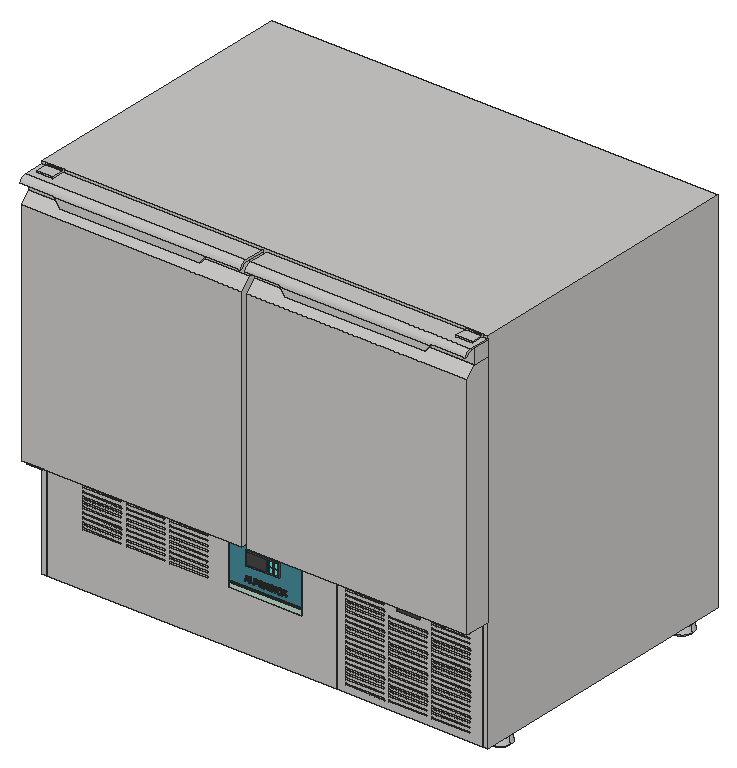
Revit family "QF_ALPENINOX_729621_ASAL25N20", category Attrezzature speciali, Revit 2021
Family settings
  Quota connettore circolare = Usa diametro
  Tipo di parte = Normale
  Basato su piano di lavoro = No
  Sempre verticale = Sì
  Taglio con vuoti quando caricato = No
  Condiviso = No
  Punto di calcolo locali = No
Parameters (values of type "Standard")
  Weight = 65.00 kg
  Watts = 220 W
  Volts = 220 V
  URL Manufacturer = "http://www.alpeninox.com"
  URL = "http://www.alpeninox.com"
  Steam Supply Size = 0 mm
  Steam Supply Minimum Pressure = 0.0 Pa
  Steam Supply Maximum Pressure = 0.0 Pa
  Steam Consumption per Hour = 0
  Refrigeration Suction Line Size = 0 mm
  Refrigeration Liquid Line Size = 0 mm
  Refrigerant Compressor Remote = yes
  Prospetto di default = 0 mm
  Produttore = "Alpeninox"
  Phase = 1
  Modello = "ASAL25N20"
  Length Actual = 950 mm  # constant formula
  Item Number = "729621"
  Hot Water Size = 0 mm
  Height Actual = 809 mm  # constant formula
  HP = "0.3 HP"
  Gas Size = 0 mm
  Gas KW = 0
  Gas Input Pressure = 0 W
  Direct Waste Size = 0 mm
  Descrizione = "2-DOOR REFRIGERATED COUNTER 250L +2+10°-NO WORKTOP R290"
  Depth Actual = 700 mm  # constant formula
  Cycle = 50 Hz
  Condensate Return Size = 0 mm
  Compressed Air Volume = 0.0 L/s
  Compressed Air Size = 0 mm
  Compressed Air Pressure = 0.0 Pa
  Cold Water Size = 0 mm
  Accessory = yes
Reference planes
  plane 1: z = 0
  plane 2 "Center (Left/Right)": x = -126.5
  plane 3 "Center (Front/Back)": y = 64.5
  plane 4 "BACK": y = 414.5
  plane 5 "FRONT": y = -285.5
  plane 6 "LEFT": x = -604
  plane 7 "RIGHT": x = 351
  plane 8 "FEET": z = 20
  plane 9 "TOP": z = 858
  plane 10 "PLAIN": z = 808
  plane 11 "EI_back": y = 414.5
  plane 12 "EI_left": x = 287.5
  plane 13 "BorderBack": y = 414.5
  plane 14 "BorderFront": y = -252.5
  plane 15 "DOOR": y = -197.5
  plane 16 "BorderLeft": x = -601.5
  plane 17 "BorderRight": x = 348.5
  plane 18: x = -576.5
  plane 19: x = 323.5
  plane 20: y = -701.5
  plane 21: z = 260
  plane 22 "FeetBack": y = 347.5
  plane 23 "FeetFront": y = -137.5
  plane 24 "FeetRight": x = 326.2
  plane 25 "FeetLeft": x = -579.2
  plane 26 "DrainX": x = -271.5
  plane 27 "DrainY": y = 91.5
  plane 28: z = 238
Forms (mm)
  Extrusion 1, solid, material "QF_Finishes_Stainless Steel"
    sketch origin (-1022.223, 359, -1763) x (-1, 0, 0) y (0, 0, -1)
      loop
        circle (-1309.723, -1883) r 5
    from -55.5 to -57.278
  Extrusion 2, solid, material "QF_Finishes_Stainless Steel"
    sketch origin (-1022.223, -1524, 20) x (-1, 0, 0) y (0, -1, 0)
      loop
        line (-420.723, -1938.5) -> (-420.723, -1326.5) -> (-1370.723, -1326.5) -> (-1370.723, -1938.5) -> (-420.723, -1938.5)
    from 0 to 788
  Extrusion 3, void
    sketch origin (0, 0, 0) x (1, 0, 0) y (0, 1, 0)
      loop
        line (-591.5, -197.5) -> (338.5, -197.5) -> (338.5, -195.5) -> (-591.5, -195.5) -> (-591.5, -197.5)
    from 20 to 260
  Extrusion 4, solid, material "QF_Finishes_Stainless Steel"
    sketch origin (0, 0, 0) x (1, 0, 0) y (0, 1, 0)
      loop
        line (-591.5, -195.5) -> (-591.5, -197.5) -> (26.373, -197.5) -> (26.373, -195.5) -> (-591.5, -195.5)
    from 20 to 260
  Extrusion 5, solid, material "QF_Finishes_Stainless Steel"
    sketch origin (0, 0, 0) x (1, 0, 0) y (0, 1, 0)
      loop
        line (26.373, -195.5) -> (26.373, -197.5) -> (338.5, -197.5) -> (338.5, -195.5) -> (26.373, -195.5)
    from 20 to 260
  Extrusion 6, void
    sketch origin (560, -285.5, 0) x (-1, 0, 0) y (0, 0, 1)
      loop
        line (514.036, 239.427) -> (431.036, 239.427) -> (431.036, 234.427) -> (514.036, 234.427) -> (514.036, 239.427)
      loop
        line (514.036, 229.427) -> (431.036, 229.427) -> (431.036, 224.427) -> (514.036, 224.427) -> (514.036, 229.427)
      loop
        line (514.036, 219.427) -> (431.036, 219.427) -> (431.036, 214.427) -> (514.036, 214.427) -> (514.036, 219.427)
      loop
        line (514.036, 209.427) -> (431.036, 209.427) -> (431.036, 204.427) -> (514.036, 204.427) -> (514.036, 209.427)
      loop
        line (514.036, 199.427) -> (431.036, 199.427) -> (431.036, 194.427) -> (514.036, 194.427) -> (514.036, 199.427)
      loop
        line (514.036, 189.427) -> (431.036, 189.427) -> (431.036, 184.427) -> (514.036, 184.427) -> (514.036, 189.427)
      loop
        line (514.036, 179.427) -> (431.036, 179.427) -> (431.036, 174.427) -> (514.036, 174.427) -> (514.036, 179.427)
      loop
        line (514.036, 169.427) -> (431.036, 169.427) -> (431.036, 164.427) -> (514.036, 164.427) -> (514.036, 169.427)
      loop
        line (514.036, 149.427) -> (431.036, 149.427) -> (431.036, 144.427) -> (514.036, 144.427) -> (514.036, 149.427)
      loop
        line (514.036, 139.427) -> (431.036, 139.427) -> (431.036, 134.427) -> (514.036, 134.427) -> (514.036, 139.427)
      loop
        line (422.036, 199.427) -> (339.036, 199.427) -> (339.036, 194.427) -> (422.036, 194.427) -> (422.036, 199.427)
      loop
        line (422.036, 189.427) -> (339.036, 189.427) -> (339.036, 184.427) -> (422.036, 184.427) -> (422.036, 189.427)
      loop
        line (422.036, 179.427) -> (339.036, 179.427) -> (339.036, 174.427) -> (422.036, 174.427) -> (422.036, 179.427)
      loop
        line (422.036, 149.427) -> (339.036, 149.427) -> (339.036, 144.427) -> (422.036, 144.427) -> (422.036, 149.427)
      loop
        line (422.036, 139.427) -> (339.036, 139.427) -> (339.036, 134.427) -> (422.036, 134.427) -> (422.036, 139.427)
      loop
        line (330.036, 239.427) -> (247.036, 239.427) -> (247.036, 234.427) -> (330.036, 234.427) -> (330.036, 239.427)
      loop
        line (330.036, 229.427) -> (247.036, 229.427) -> (247.036, 224.427) -> (330.036, 224.427) -> (330.036, 229.427)
      loop
        line (330.036, 219.427) -> (247.036, 219.427) -> (247.036, 214.427) -> (330.036, 214.427) -> (330.036, 219.427)
      loop
        line (330.036, 209.427) -> (247.036, 209.427) -> (247.036, 204.427) -> (330.036, 204.427) -> (330.036, 209.427)
      loop
        line (330.036, 199.427) -> (247.036, 199.427) -> (247.036, 194.427) -> (330.036, 194.427) -> (330.036, 199.427)
      loop
        line (330.036, 189.427) -> (247.036, 189.427) -> (247.036, 184.427) -> (330.036, 184.427) -> (330.036, 189.427)
      loop
        line (330.036, 179.427) -> (247.036, 179.427) -> (247.036, 174.427) -> (330.036, 174.427) -> (330.036, 179.427)
      loop
        line (330.036, 149.427) -> (247.036, 149.427) -> (247.036, 144.427) -> (330.036, 144.427) -> (330.036, 149.427)
      loop
        line (330.036, 139.427) -> (247.036, 139.427) -> (247.036, 134.427) -> (330.036, 134.427) -> (330.036, 139.427)
      loop
        line (422.036, 169.427) -> (339.036, 169.427) -> (339.036, 164.427) -> (422.036, 164.427) -> (422.036, 169.427)
      loop
        line (330.036, 169.427) -> (247.036, 169.427) -> (247.036, 164.427) -> (330.036, 164.427) -> (330.036, 169.427)
      loop
        line (514.036, 159.427) -> (431.036, 159.427) -> (431.036, 154.427) -> (514.036, 154.427) -> (514.036, 159.427)
      loop
        line (422.036, 159.427) -> (339.036, 159.427) -> (339.036, 154.427) -> (422.036, 154.427) -> (422.036, 159.427)
      loop
        line (330.036, 159.427) -> (247.036, 159.427) -> (247.036, 154.427) -> (330.036, 154.427) -> (330.036, 159.427)
      loop
        line (514.036, 129.427) -> (431.036, 129.427) -> (431.036, 124.427) -> (514.036, 124.427) -> (514.036, 129.427)
      loop
        line (514.036, 119.427) -> (431.036, 119.427) -> (431.036, 114.427) -> (514.036, 114.427) -> (514.036, 119.427)
      loop
        line (514.036, 109.427) -> (431.036, 109.427) -> (431.036, 104.427) -> (514.036, 104.427) -> (514.036, 109.427)
      loop
        line (514.036, 99.427) -> (431.036, 99.427) -> (431.036, 94.427) -> (514.036, 94.427) -> (514.036, 99.427)
      loop
        line (514.036, 79.427) -> (431.036, 79.427) -> (431.036, 74.427) -> (514.036, 74.427) -> (514.036, 79.427)
      loop
        line (514.036, 69.427) -> (431.036, 69.427) -> (431.036, 64.427) -> (514.036, 64.427) -> (514.036, 69.427)
      loop
        line (422.036, 129.427) -> (339.036, 129.427) -> (339.036, 124.427) -> (422.036, 124.427) -> (422.036, 129.427)
      loop
        line (422.036, 119.427) -> (339.036, 119.427) -> (339.036, 114.427) -> (422.036, 114.427) -> (422.036, 119.427)
      loop
        line (422.036, 109.427) -> (339.036, 109.427) -> (339.036, 104.427) -> (422.036, 104.427) -> (422.036, 109.427)
      loop
        line (422.036, 79.427) -> (339.036, 79.427) -> (339.036, 74.427) -> (422.036, 74.427) -> (422.036, 79.427)
      loop
        line (422.036, 69.427) -> (339.036, 69.427) -> (339.036, 64.427) -> (422.036, 64.427) -> (422.036, 69.427)
      loop
        line (330.036, 129.427) -> (247.036, 129.427) -> (247.036, 124.427) -> (330.036, 124.427) -> (330.036, 129.427)
      loop
        line (330.036, 119.427) -> (247.036, 119.427) -> (247.036, 114.427) -> (330.036, 114.427) -> (330.036, 119.427)
      loop
        line (330.036, 109.427) -> (247.036, 109.427) -> (247.036, 104.427) -> (330.036, 104.427) -> (330.036, 109.427)
      loop
        line (330.036, 79.427) -> (247.036, 79.427) -> (247.036, 74.427) -> (330.036, 74.427) -> (330.036, 79.427)
      loop
        line (330.036, 69.427) -> (247.036, 69.427) -> (247.036, 64.427) -> (330.036, 64.427) -> (330.036, 69.427)
      loop
        line (422.036, 99.427) -> (339.036, 99.427) -> (339.036, 94.427) -> (422.036, 94.427) -> (422.036, 99.427)
      loop
        line (330.036, 99.427) -> (247.036, 99.427) -> (247.036, 94.427) -> (330.036, 94.427) -> (330.036, 99.427)
      loop
        line (514.036, 89.427) -> (431.036, 89.427) -> (431.036, 84.427) -> (514.036, 84.427) -> (514.036, 89.427)
      loop
        line (422.036, 89.427) -> (339.036, 89.427) -> (339.036, 84.427) -> (422.036, 84.427) -> (422.036, 89.427)
      loop
        line (330.036, 89.427) -> (247.036, 89.427) -> (247.036, 84.427) -> (330.036, 84.427) -> (330.036, 89.427)
      loop
        line (514.036, 49.427) -> (431.036, 49.427) -> (431.036, 44.427) -> (514.036, 44.427) -> (514.036, 49.427)
      loop
        line (514.036, 39.427) -> (431.036, 39.427) -> (431.036, 34.427) -> (514.036, 34.427) -> (514.036, 39.427)
      loop
        line (422.036, 49.427) -> (339.036, 49.427) -> (339.036, 44.427) -> (422.036, 44.427) -> (422.036, 49.427)
      loop
        line (422.036, 39.427) -> (339.036, 39.427) -> (339.036, 34.427) -> (422.036, 34.427) -> (422.036, 39.427)
      loop
        line (330.036, 49.427) -> (247.036, 49.427) -> (247.036, 44.427) -> (330.036, 44.427) -> (330.036, 49.427)
      loop
        line (330.036, 39.427) -> (247.036, 39.427) -> (247.036, 34.427) -> (330.036, 34.427) -> (330.036, 39.427)
      loop
        line (514.036, 59.427) -> (431.036, 59.427) -> (431.036, 54.427) -> (514.036, 54.427) -> (514.036, 59.427)
      loop
        line (422.036, 59.427) -> (339.036, 59.427) -> (339.036, 54.427) -> (422.036, 54.427) -> (422.036, 59.427)
      loop
        line (330.036, 59.427) -> (247.036, 59.427) -> (247.036, 54.427) -> (330.036, 54.427) -> (330.036, 59.427)
      loop
        line (405.536, 239.427) -> (355.536, 239.427) -> (355.536, 214.427) -> (405.536, 214.427) -> (405.536, 239.427)
    from 88 to 90
  Extrusion 7, solid, material "QF_Finishes_Black"
    sketch origin (0, -285.5, 0) x (-1, 0, 0) y (0, 0, 1)
      loop
        line (-154.464, 239.427) -> (-204.464, 239.427) -> (-204.464, 214.427) -> (-154.464, 214.427) -> (-154.464, 239.427)
    from 88 to 90
  Extrusion 8, solid, material "QF_Finishes_Stainless Steel"
    sketch origin (-1022.223, -1524, 20) x (-1, 0, 0) y (0, -1, 0)
      loop
        circle (-750.723, -1615.5) r 6.35
    from 199.427 to 218
  Extrusion 9, void
    sketch origin (0, -285.5, 0) x (-1, 0, 0) y (0, 0, 1)
      loop
        line (514.036, 239.427) -> (431.036, 239.427) -> (431.036, 234.427) -> (514.036, 234.427) -> (514.036, 239.427)
      loop
        line (514.036, 229.427) -> (431.036, 229.427) -> (431.036, 224.427) -> (514.036, 224.427) -> (514.036, 229.427)
      loop
        line (514.036, 219.427) -> (431.036, 219.427) -> (431.036, 214.427) -> (514.036, 214.427) -> (514.036, 219.427)
      loop
        line (514.036, 209.427) -> (431.036, 209.427) -> (431.036, 204.427) -> (514.036, 204.427) -> (514.036, 209.427)
      loop
        line (514.036, 199.427) -> (431.036, 199.427) -> (431.036, 194.427) -> (514.036, 194.427) -> (514.036, 199.427)
      loop
        line (514.036, 189.427) -> (431.036, 189.427) -> (431.036, 184.427) -> (514.036, 184.427) -> (514.036, 189.427)
      loop
        line (514.036, 179.427) -> (431.036, 179.427) -> (431.036, 174.427) -> (514.036, 174.427) -> (514.036, 179.427)
      loop
        line (514.036, 169.427) -> (431.036, 169.427) -> (431.036, 164.427) -> (514.036, 164.427) -> (514.036, 169.427)
      loop
        line (514.036, 149.427) -> (431.036, 149.427) -> (431.036, 144.427) -> (514.036, 144.427) -> (514.036, 149.427)
      loop
        line (514.036, 139.427) -> (431.036, 139.427) -> (431.036, 134.427) -> (514.036, 134.427) -> (514.036, 139.427)
      loop
        line (422.036, 199.427) -> (339.036, 199.427) -> (339.036, 194.427) -> (422.036, 194.427) -> (422.036, 199.427)
      loop
        line (422.036, 189.427) -> (339.036, 189.427) -> (339.036, 184.427) -> (422.036, 184.427) -> (422.036, 189.427)
      loop
        line (422.036, 179.427) -> (339.036, 179.427) -> (339.036, 174.427) -> (422.036, 174.427) -> (422.036, 179.427)
      loop
        line (422.036, 149.427) -> (339.036, 149.427) -> (339.036, 144.427) -> (422.036, 144.427) -> (422.036, 149.427)
      loop
        line (422.036, 139.427) -> (339.036, 139.427) -> (339.036, 134.427) -> (422.036, 134.427) -> (422.036, 139.427)
      loop
        line (330.036, 239.427) -> (247.036, 239.427) -> (247.036, 234.427) -> (330.036, 234.427) -> (330.036, 239.427)
      loop
        line (330.036, 229.427) -> (247.036, 229.427) -> (247.036, 224.427) -> (330.036, 224.427) -> (330.036, 229.427)
      loop
        line (330.036, 219.427) -> (247.036, 219.427) -> (247.036, 214.427) -> (330.036, 214.427) -> (330.036, 219.427)
      loop
        line (330.036, 209.427) -> (247.036, 209.427) -> (247.036, 204.427) -> (330.036, 204.427) -> (330.036, 209.427)
      loop
        line (330.036, 199.427) -> (247.036, 199.427) -> (247.036, 194.427) -> (330.036, 194.427) -> (330.036, 199.427)
      loop
        line (330.036, 189.427) -> (247.036, 189.427) -> (247.036, 184.427) -> (330.036, 184.427) -> (330.036, 189.427)
      loop
        line (330.036, 179.427) -> (247.036, 179.427) -> (247.036, 174.427) -> (330.036, 174.427) -> (330.036, 179.427)
      loop
        line (330.036, 149.427) -> (247.036, 149.427) -> (247.036, 144.427) -> (330.036, 144.427) -> (330.036, 149.427)
      loop
        line (330.036, 139.427) -> (247.036, 139.427) -> (247.036, 134.427) -> (330.036, 134.427) -> (330.036, 139.427)
      loop
        line (422.036, 169.427) -> (339.036, 169.427) -> (339.036, 164.427) -> (422.036, 164.427) -> (422.036, 169.427)
      loop
        line (330.036, 169.427) -> (247.036, 169.427) -> (247.036, 164.427) -> (330.036, 164.427) -> (330.036, 169.427)
      loop
        line (514.036, 159.427) -> (431.036, 159.427) -> (431.036, 154.427) -> (514.036, 154.427) -> (514.036, 159.427)
      loop
        line (422.036, 159.427) -> (339.036, 159.427) -> (339.036, 154.427) -> (422.036, 154.427) -> (422.036, 159.427)
      loop
        line (330.036, 159.427) -> (247.036, 159.427) -> (247.036, 154.427) -> (330.036, 154.427) -> (330.036, 159.427)
      loop
        line (422.036, 239.427) -> (339.036, 239.427) -> (339.036, 234.427) -> (422.036, 234.427) -> (422.036, 239.427)
      loop
        line (422.036, 229.427) -> (339.036, 229.427) -> (339.036, 224.427) -> (422.036, 224.427) -> (422.036, 229.427)
      loop
        line (422.036, 219.427) -> (339.036, 219.427) -> (339.036, 214.427) -> (422.036, 214.427) -> (422.036, 219.427)
      loop
        line (422.036, 209.427) -> (339.036, 209.427) -> (339.036, 204.427) -> (422.036, 204.427) -> (422.036, 209.427)
      loop
        line (204.5, 134.427) -> (204.5, 239.427) -> (48.5, 239.427) -> (48.5, 134.427) -> (204.5, 134.427)
    from 88 to 90
Cuts and joins
  Extrusion 3, Extrusion 6, Extrusion 9 cuts Extrusion 2
  Extrusion 6, Extrusion 9 cuts Extrusion 4
  Extrusion 6 cuts Extrusion 5
Lines and regions (mm)
  symbolic lines, style "SpecialityEquipmentHiddenLines"
    curve 1: line (-601.5, 414.5, 808) -> (348.5, 414.5, 808)
    curve 2: line (-601.5, -197.5, 808) -> (348.5, -197.5, 808)
    curve 3: line (-601.5, 414.5, 808) -> (-601.5, -252.5, 808)
    curve 4: line (348.5, -252.5, 808) -> (348.5, 414.5, 808)
    curve 5: line (-601.5, -252.5, 808) -> (-131.5, -252.5, 808)
    curve 6: line (-131.5, -252.5, 808) -> (-131.5, -197.5, 808)
    curve 7: line (-121.5, -252.5, 808) -> (-121.5, -197.5, 808)
    curve 8: line (-121.5, -252.5, 808) -> (348.5, -252.5, 808)
Dimensions and locks
  equal spacing: plane 6 "LEFT", plane 2 "Center (Left/Right)", plane 7 "RIGHT"
  plane 8 "FEET" to level = 20 mm
  plane 4 "BACK" to plane 13 "BorderBack" = 0 mm
  plane 14 "BorderFront" to plane 5 "FRONT" = 33 mm
  plane 15 "DOOR" to plane 14 "BorderFront" = 55 mm
  plane 6 "LEFT" to plane 16 "BorderLeft" = 2.5 mm
  plane 17 "BorderRight" to plane 7 "RIGHT" = 2.5 mm
  plane 10 "PLAIN" to plane 8 "FEET" = 788 mm
  plane 9 "TOP" to plane 10 "PLAIN" = 50 mm
  plane 19 to plane 17 "BorderRight" = 25 mm
  plane 13 "BorderBack" to plane 11 "EI_back" = 0 mm
  plane 6 "LEFT" to plane 7 "RIGHT" = 955 mm
  plane 4 "BACK" to plane 5 "FRONT" = 700 mm
  equal spacing: plane 4 "BACK", plane 3 "Center (Front/Back)", plane 5 "FRONT"
  plane 13 "BorderBack" to plane 20 = 1116 mm
  plane 21 to plane 8 "FEET" = 240 mm
  plane 13 "BorderBack" to plane 22 "FeetBack" = 67 mm
  plane 23 "FeetFront" to plane 15 "DOOR" = 60 mm
  plane 24 "FeetRight" to plane 17 "BorderRight" = 22.3 mm
  plane 12 "EI_left" to plane 17 "BorderRight" = 61 mm
  plane 13 "BorderBack" to plane 27 "DrainY" = 323 mm
  plane 16 "BorderLeft" to plane 26 "DrainX" = 330 mm
  plane 28 to plane 8 "FEET" = 218 mm
  aligned and locked: level to plane 1
Automatic sketch dimensions
  Extrusion 1 sketch curve to plane 12 "EI_left" = 0 mm
  plane 8 "FEET" to Extrusion 1 sketch curve = 100 mm
  Extrusion 2 sketch curve to plane 4 "BACK" = 0 mm
  Extrusion 2 sketch curve to plane 17 "BorderRight" = 0 mm
  Extrusion 2 sketch curve to plane 15 "DOOR" = 0 mm
  Extrusion 2 sketch curve to plane 16 "BorderLeft" = 0 mm
  Extrusion 3 sketch curve to plane 15 "DOOR" = 0 mm
  plane 16 "BorderLeft" to Extrusion 3 sketch curve = 10 mm
  Extrusion 3 sketch curve to plane 17 "BorderRight" = 10 mm
  plane 15 "DOOR" to Extrusion 3 sketch curve = 2 mm
  Extrusion 4 sketch curve to plane 15 "DOOR" = 0 mm
  plane 16 "BorderLeft" to Extrusion 4 sketch curve = 10 mm
  plane 2 "Center (Left/Right)" to Extrusion 4 sketch curve = 152.873 mm
  plane 15 "DOOR" to Extrusion 4 sketch curve = 2 mm
  Extrusion 5 sketch curve to plane 15 "DOOR" = 0 mm
  plane 2 "Center (Left/Right)" to Extrusion 5 sketch curve = 152.873 mm
  Extrusion 5 sketch curve to plane 17 "BorderRight" = 10 mm
  plane 15 "DOOR" to Extrusion 5 sketch curve = 2 mm
  Extrusion 6 sketch curve to plane 19 = 10.536 mm  (x6)
  Extrusion 6 sketch curve to Extrusion 6 sketch curve = 0 mm  (x96)
  Extrusion 6 sketch curve to Extrusion 6 sketch curve = 83 mm  (x4)
  Extrusion 6 sketch curve to plane 21 = 20.573 mm  (x2)
  Extrusion 6 sketch curve to Extrusion 6 sketch curve = 9 mm  (x11)
  Extrusion 6 sketch curve to Extrusion 6 sketch curve = 66.5 mm
  Extrusion 6 sketch curve to Extrusion 6 sketch curve = 16.5 mm
  plane 8 "FEET" to Extrusion 6 sketch curve = 29.427 mm  (x2)
  Extrusion 6 sketch curve to Extrusion 6 sketch curve = 5 mm  (x115)
  Extrusion 6 sketch curve to Extrusion 6 sketch curve = 15 mm
  Extrusion 6 sketch curve to Extrusion 6 sketch curve = 25.5 mm
  Extrusion 7 sketch curve to plane 21 = 20.573 mm
  Extrusion 7 sketch curve to plane 19 = 119.036 mm
  Extrusion 7 sketch curve to Extrusion 7 sketch curve = 50 mm
  Extrusion 7 sketch curve to Extrusion 7 sketch curve = 25 mm
  Extrusion 8 sketch curve to plane 26 "DrainX" = 0 mm
  Extrusion 8 sketch curve to plane 27 "DrainY" = 0 mm
  curve 8 to plane 14 "BorderFront" = 0 mm
  curve 8 to plane 17 "BorderRight" = 0 mm
  curve 1 to plane 4 "BACK" = 0 mm
  curve 2 to plane 15 "DOOR" = 0 mm
  curve 5 to plane 14 "BorderFront" = 0 mm
  curve 2 to plane 16 "BorderLeft" = 0 mm
  plane 2 "Center (Left/Right)" to curve 7 = 5 mm
  curve 5 to plane 2 "Center (Left/Right)" = 5 mm
  plane 2 "Center (Left/Right)" to Extrusion 9 sketch curve = 78 mm
  plane 28 to Extrusion 9 sketch curve = 1.427 mm  (x4)
  plane 26 "DrainX" to Extrusion 9 sketch curve = 67 mm
  plane 26 "DrainX" to Extrusion 9 sketch curve = 24.464 mm  (x2)
  Extrusion 9 sketch curve to Extrusion 9 sketch curve = 0 mm  (x56)
  Extrusion 9 sketch curve to plane 26 "DrainX" = 58.536 mm
  Extrusion 9 sketch curve to Extrusion 9 sketch curve = 9 mm  (x6)
  Extrusion 9 sketch curve to Extrusion 9 sketch curve = 83 mm
  Extrusion 9 sketch curve to plane 28 = 3.573 mm  (x3)
  Extrusion 9 sketch curve to plane 28 = 13.573 mm  (x2)
  plane 18 to Extrusion 9 sketch curve = 62.464 mm  (x2)
  Extrusion 9 sketch curve to Extrusion 9 sketch curve = 5 mm  (x57)
  radius of Extrusion 1 sketch curve = 5 mm
  radius of Extrusion 8 sketch curve = 6.35 mm
Nested families
  nested 1: "HORIZREF_APX_DISPLAY" at (-126.5, -195.5, 184.427) x (1, 0, 0) z (0, -1, 0), type "HORIZREF_APX_DISPLAY"
    with Show Logo yes
  nested 2: "HORIZREF_FEET20" at (326.2, -137.5, 0), type "HORIZREF_FEET20"
  nested 3: "HORIZREF_FEET20" at (326.2, 347.5, 0), type "HORIZREF_FEET20"
  nested 4: "HORIZREF_FEET20" at (-579.2, -137.5, 0), type "HORIZREF_FEET20"
  nested 5: "HORIZREF_FEET20" at (-579.2, 347.5, 0), type "HORIZREF_FEET20"
  nested 6: "HORIZREF_SD_R" at (113.5, -197.5, 531.5) x (1, 0, 0) z (0, -1, 0), type "HORIZREF_SD_R"
    with Show Clearance yes
  nested 7: "Refrigerator" at (351, -285.5, 808), type "Refrigerator"
  nested 8: "HORIZREF_SD_L" at (-366.5, -197.5, 531.497) x (1, 0, 0) z (0, -1, 0), type "HORIZREF_SD_L"
    with Show Clearance yes
Connectors
  electrical at (287.5, 416.278, 120), driven by "Volts"
    settings: on Extrusion 1, index 1, voltage 220 V, apparent load 0 VA, apparent load phase1 0 VA, apparent load phase2 0 VA, apparent load phase3 0 VA, power factor 1, load classification "Other", number of poles 1, system type 31, power factor state 1, is connector primary yes, connector utility no, sub classification motor no, connector description "Electrical Connection"
  piping at (-271.5, 91.5, 219.427), diameter 12.7
    settings: on Extrusion 8, index 2, connector inside diameter 609.6 mm, connector length 0 mm, flow factor 0, pipe flow 0.0 L/s, pressure drop 0.0 Pa, fitting loss kfactor 0, connector angle 0.00°, fixture units 0, engagement length 0 mm, angle of deflection 0.00°, flow configuration 0, flow direction 2, fitting loss method 0, system type 16, joint type 0, gender type 0, connector reference index -1, connector utility 0, adjustable connector no, is connector primary yes, connector description "Drain"
Definition of nested family "HORIZREF_APX_DISPLAY"
  Parameters
    Show Logo [instance] = yes
    Default Elevation = 1219.2 mm
  Reference planes
    plane 1 "Centro (Fronte/Retro)": y = 0
    plane 2: z = 0
    plane 3 "Centro (Sinistra/Destra)": x = 0
  Forms (mm)
    Extrusion 1, solid
      sketch origin (0, 0, 0) x (1, 0, 0) y (0, 1, 0)
        loop
          line (-1219.2, 1219.2) -> (-1219.2, -1219.2) -> (1219.2, -1219.2) -> (1219.2, 1219.2) -> (-1219.2, 1219.2)
      from 0 to -304.8
    Extrusion 2, solid
      sketch origin (0, -268.882, 0) x (1, 0, 0) y (0, 1, 0)
        loop
          line (-38.5, 303.882) -> (-38.5, 274.364) -> (31.5, 274.364) -> (31.5, 303.882) -> (-38.5, 303.882)
        loop
          line (-78, 232.882) -> (78, 232.882) -> (78, 309.882) -> (-78, 309.882) -> (-78, 232.882)
        loop
          line (-78, 230.882) -> (-78, 228.882) -> (78, 228.882) -> (78, 230.882) -> (-78, 230.882)
        loop
          line (78, 311.882) -> (78, 313.882) -> (-78, 313.882) -> (-78, 311.882) -> (78, 311.882)
      from 0 to 2
    Extrusion 3, solid
      sketch origin (0, -270.882, 0) x (1, 0, 0) y (0, 1, 0)
        loop
          line (-38.5, 305.882) -> (-38.5, 276.364) -> (31.5, 276.364) -> (31.5, 305.882) -> (-38.5, 305.882)
        loop
          line (9.5, 302.882) -> (9.5, 291.882) -> (17.5, 291.882) -> (17.5, 302.882) -> (9.5, 302.882)
        loop
          line (20.512, 302.882) -> (20.512, 291.882) -> (28.512, 291.882) -> (28.512, 302.882) -> (20.512, 302.882)
        loop
          line (20.512, 290.364) -> (20.512, 279.364) -> (28.512, 279.364) -> (28.512, 290.364) -> (20.512, 290.364)
        loop
          line (9.5, 290.364) -> (9.5, 279.364) -> (17.5, 279.364) -> (17.5, 290.364) -> (9.5, 290.364)
        loop
          line (-35.5, 302.882) -> (-35.5, 279.364) -> (6.075, 279.364) -> (6.075, 302.882) -> (-35.5, 302.882)
      from 0 to 4
    Extrusion 4, solid
      sketch origin (0, -270.882, 0) x (1, 0, 0) y (0, 1, 0)
        loop
          line (-35.5, 302.882) -> (-35.5, 279.364) -> (6.075, 279.364) -> (6.075, 302.882) -> (-35.5, 302.882)
      from 0 to 5
    Extrusion 5, solid
      sketch origin (0, -270.882, 0) x (1, 0, 0) y (0, 1, 0)
        loop
          line (9.5, 302.882) -> (9.5, 291.882) -> (17.5, 291.882) -> (17.5, 302.882) -> (9.5, 302.882)
        loop
          line (28.512, 291.882) -> (28.512, 302.882) -> (20.512, 302.882) -> (20.512, 291.882) -> (28.512, 291.882)
        loop
          line (9.5, 279.364) -> (17.5, 279.364) -> (17.5, 290.364) -> (9.5, 290.364) -> (9.5, 279.364)
        loop
          line (28.512, 279.364) -> (28.512, 290.364) -> (20.512, 290.364) -> (20.512, 279.364) -> (28.512, 279.364)
      from 0 to 4
    Extrusion 6, void
      sketch origin (0, 0, 0) x (1, 0, 0) y (0, 1, 0)
        loop
          line (-40.28, -16.132) -> (-43.639, -25.151)
          arc (-43.639, -25.151) -> (-42.932, -26.789) -> (-41.326, -26.013) r 1.236
          line (-41.326, -26.013) -> (-40.814, -24.438) -> (-36.167, -24.438) -> (-35.663, -25.996)
          arc (-35.663, -25.996) -> (-34.1, -26.749) -> (-33.423, -25.151) r 1.198
          line (-33.423, -25.151) -> (-36.701, -16.132)
          arc (-36.701, -16.132) -> (-38.491, -14.759) -> (-40.28, -16.132) r 1.853
        loop
          line (-38.488, -17.296) -> (-40.095, -22.151) -> (-36.917, -22.151) -> (-38.488, -17.296)
        loop
          arc (-32.215, -25.399) -> (-31.817, -26.36) -> (-30.856, -26.759) r 1.359
          line (-30.856, -26.759) -> (-26.733, -26.759)
          arc (-26.733, -26.759) -> (-25.59, -25.615) -> (-26.733, -24.472) r 1.143
          line (-26.733, -24.472) -> (-29.708, -24.472) -> (-29.708, -16.15)
          arc (-29.708, -16.15) -> (-30.962, -14.897) -> (-32.215, -16.15) r 1.253
          line (-32.215, -16.15) -> (-32.215, -25.399)
        loop
          line (-24.456, -16.25) -> (-24.456, -25.564)
          arc (-24.456, -25.564) -> (-23.203, -26.817) -> (-21.95, -25.564) r 1.253
          line (-21.95, -25.564) -> (-21.95, -22.846) -> (-20.094, -22.846)
          arc (-20.094, -22.846) -> (-17.193, -21.968) -> (-15.942, -19.208) r 3.67
          arc (-15.942, -19.208) -> (-17.188, -16.201) -> (-20.194, -14.956) r 4.252
          line (-20.194, -14.956) -> (-23.162, -14.956)
          arc (-23.162, -14.956) -> (-24.077, -15.335) -> (-24.456, -16.25) r 1.293
        loop
          line (-21.95, -20.66) -> (-20.24, -20.66)
          arc (-20.24, -20.66) -> (-18.483, -18.903) -> (-20.24, -17.145) r 1.757
          line (-20.24, -17.145) -> (-21.95, -17.145) -> (-21.95, -20.66)
        loop
          arc (-6.569, -19.744) -> (-7.307, -18.064) -> (-8.892, -17.14) r 2.967
          arc (-8.892, -17.14) -> (-11.217, -17.65) -> (-12.348, -19.744) r 2.856
          line (-12.348, -19.744) -> (-6.569, -19.744)
        loop
          line (-12.283, -22.072) -> (-5.994, -22.072)
          arc (-5.994, -22.072) -> (-4.868, -21.917) -> (-3.977, -21.211) r 2.158
          arc (-3.977, -21.211) -> (-3.846, -20.452) -> (-3.897, -19.684) r 3.268
          arc (-3.897, -19.684) -> (-5.832, -16.3) -> (-9.452, -14.855) r 5.916
          arc (-9.452, -14.855) -> (-13.524, -16.71) -> (-15.091, -20.902) r 5.846
          arc (-15.091, -20.902) -> (-13.845, -24.728) -> (-10.362, -26.742) r 5.622
          arc (-10.362, -26.742) -> (-8.132, -26.762) -> (-5.994, -26.128) r 7.518
          arc (-5.994, -26.128) -> (-5.025, -25.634) -> (-4.283, -24.838) r 3.135
          arc (-4.283, -24.838) -> (-4.083, -24.006) -> (-4.451, -23.234) r 1.282
          arc (-4.451, -23.234) -> (-4.936, -22.954) -> (-5.496, -22.954) r 1.082
          arc (-5.496, -22.954) -> (-5.87, -23.109) -> (-6.191, -23.355) r 1.55
          arc (-6.191, -23.355) -> (-7.003, -23.905) -> (-7.884, -24.333) r 6.834
          arc (-7.884, -24.333) -> (-10.608, -24.223) -> (-12.283, -22.072) r 3.237
        loop
          line (-2.51, -16.15) -> (-2.51, -25.564)
          arc (-2.51, -25.564) -> (-1.255, -26.819) -> (0, -25.564) r 1.255
          line (0, -25.564) -> (0, -19.337) -> (5.334, -26.311)
          arc (5.334, -26.311) -> (6.759, -26.777) -> (7.642, -25.564) r 1.275
          line (7.642, -25.564) -> (7.642, -16.15)
          arc (7.642, -16.15) -> (6.387, -14.896) -> (5.133, -16.15) r 1.254
          line (5.133, -16.15) -> (5.133, -22.46) -> (-0.2, -15.406)
          arc (-0.2, -15.406) -> (-1.626, -14.937) -> (-2.51, -16.15) r 1.275
        loop
          arc (9.21, -25.564) -> (10.463, -26.818) -> (11.717, -25.564) r 1.254
          line (11.717, -25.564) -> (11.717, -16.15)
          arc (11.717, -16.15) -> (10.463, -14.897) -> (9.21, -16.15) r 1.254
          line (9.21, -16.15) -> (9.21, -25.564)
        loop
          line (13.286, -16.15) -> (13.286, -25.564)
          arc (13.286, -25.564) -> (14.541, -26.819) -> (15.796, -25.564) r 1.255
          line (15.796, -25.564) -> (15.796, -19.337) -> (21.13, -26.311)
          arc (21.13, -26.311) -> (22.555, -26.777) -> (23.438, -25.564) r 1.275
          line (23.438, -25.564) -> (23.438, -16.15)
          arc (23.438, -16.15) -> (22.183, -14.896) -> (20.929, -16.15) r 1.254
          line (20.929, -16.15) -> (20.929, -22.46) -> (15.596, -15.406)
          arc (15.596, -15.406) -> (14.17, -14.937) -> (13.286, -16.15) r 1.275
        loop
          arc (24.757, -20.858) -> (25.409, -23.75) -> (27.345, -25.996) r 6.12
          arc (27.345, -25.996) -> (28.851, -26.727) -> (30.509, -26.957) r 5.355
          arc (30.509, -26.957) -> (32.166, -26.727) -> (33.672, -25.996) r 5.355
          arc (33.672, -25.996) -> (35.608, -23.75) -> (36.26, -20.858) r 6.12
          arc (36.26, -20.858) -> (35.608, -17.965) -> (33.672, -15.719) r 6.12
          arc (33.672, -15.719) -> (32.166, -14.989) -> (30.509, -14.758) r 5.355
          arc (30.509, -14.758) -> (28.851, -14.989) -> (27.345, -15.719) r 5.355
          arc (27.345, -15.719) -> (25.409, -17.965) -> (24.757, -20.858) r 6.12
        loop
          arc (27.383, -20.858) -> (27.641, -22.549) -> (28.591, -23.972) r 3.945
          arc (28.591, -23.972) -> (29.485, -24.494) -> (30.509, -24.645) r 2.729
          arc (30.509, -24.645) -> (31.533, -24.494) -> (32.427, -23.972) r 2.729
          arc (32.427, -23.972) -> (33.377, -22.549) -> (33.635, -20.858) r 3.945
          arc (33.635, -20.858) -> (33.377, -19.166) -> (32.427, -17.743) r 3.945
          arc (32.427, -17.743) -> (31.533, -17.221) -> (30.509, -17.07) r 2.729
          arc (30.509, -17.07) -> (29.485, -17.221) -> (28.591, -17.743) r 2.729
          arc (28.591, -17.743) -> (27.641, -19.166) -> (27.383, -20.858) r 3.945
        loop
          line (36.898, -16.797) -> (39.607, -20.445) -> (36.295, -24.851)
          arc (36.295, -24.851) -> (36.562, -26.614) -> (38.319, -26.311) r 1.248
          line (38.319, -26.311) -> (41.06, -22.531) -> (43.802, -26.311)
          arc (43.802, -26.311) -> (45.558, -26.614) -> (45.826, -24.851) r 1.248
          line (45.826, -24.851) -> (42.513, -20.445) -> (45.223, -16.797)
          arc (45.223, -16.797) -> (44.892, -15.009) -> (43.133, -15.471) r 1.241
          line (43.133, -15.471) -> (41.06, -18.387) -> (38.987, -15.471)
          arc (38.987, -15.471) -> (37.229, -15.009) -> (36.898, -16.797) r 1.241
      from 2 to 0
    Extrusion 7, solid
      sketch origin (0, 0, 0) x (1, 0, 0) y (0, 1, 0)
        loop
          line (-78, 55) -> (-78, 45) -> (78, 45) -> (78, 55) -> (-78, 55)
        loop
          line (-78, -50) -> (78, -50) -> (78, -40) -> (-78, -40) -> (-78, -50)
        loop
          line (-78, 43) -> (-78, 41) -> (78, 41) -> (78, 43) -> (-78, 43)
        loop
          line (-78, -38) -> (78, -38) -> (78, -36) -> (-78, -36) -> (-78, -38)
      from 0 to 2
    Extrusion 8, solid
      sketch origin (0, 0, 0) x (1, 0, 0) y (0, 1, 0)
        loop
          line (-40.28, -16.132) -> (-43.639, -25.151)
          arc (-43.639, -25.151) -> (-42.932, -26.789) -> (-41.326, -26.013) r 1.236
          line (-41.326, -26.013) -> (-40.814, -24.438) -> (-36.167, -24.438) -> (-35.663, -25.996)
          arc (-35.663, -25.996) -> (-34.1, -26.749) -> (-33.423, -25.151) r 1.198
          line (-33.423, -25.151) -> (-36.701, -16.132)
          arc (-36.701, -16.132) -> (-38.491, -14.759) -> (-40.28, -16.132) r 1.853
        loop
          line (-38.488, -17.296) -> (-40.095, -22.151) -> (-36.917, -22.151) -> (-38.488, -17.296)
        loop
          arc (-32.215, -25.399) -> (-31.817, -26.36) -> (-30.856, -26.759) r 1.359
          line (-30.856, -26.759) -> (-26.733, -26.759)
          arc (-26.733, -26.759) -> (-25.59, -25.615) -> (-26.733, -24.472) r 1.143
          line (-26.733, -24.472) -> (-29.708, -24.472) -> (-29.708, -16.15)
          arc (-29.708, -16.15) -> (-30.962, -14.897) -> (-32.215, -16.15) r 1.253
          line (-32.215, -16.15) -> (-32.215, -25.399)
        loop
          line (-24.456, -16.25) -> (-24.456, -25.564)
          arc (-24.456, -25.564) -> (-23.203, -26.817) -> (-21.95, -25.564) r 1.253
          line (-21.95, -25.564) -> (-21.95, -22.846) -> (-20.094, -22.846)
          arc (-20.094, -22.846) -> (-17.193, -21.968) -> (-15.942, -19.208) r 3.67
          arc (-15.942, -19.208) -> (-17.188, -16.201) -> (-20.194, -14.956) r 4.252
          line (-20.194, -14.956) -> (-23.162, -14.956)
          arc (-23.162, -14.956) -> (-24.077, -15.335) -> (-24.456, -16.25) r 1.293
        loop
          line (-21.95, -20.66) -> (-20.24, -20.66)
          arc (-20.24, -20.66) -> (-18.483, -18.903) -> (-20.24, -17.145) r 1.757
          line (-20.24, -17.145) -> (-21.95, -17.145) -> (-21.95, -20.66)
        loop
          arc (-6.569, -19.744) -> (-7.307, -18.064) -> (-8.892, -17.14) r 2.967
          arc (-8.892, -17.14) -> (-11.217, -17.65) -> (-12.348, -19.744) r 2.856
          line (-12.348, -19.744) -> (-6.569, -19.744)
        loop
          line (-12.283, -22.072) -> (-5.994, -22.072)
          arc (-5.994, -22.072) -> (-4.868, -21.917) -> (-3.977, -21.211) r 2.158
          arc (-3.977, -21.211) -> (-3.846, -20.452) -> (-3.897, -19.684) r 3.268
          arc (-3.897, -19.684) -> (-5.832, -16.3) -> (-9.452, -14.855) r 5.916
          arc (-9.452, -14.855) -> (-13.524, -16.71) -> (-15.091, -20.902) r 5.846
          arc (-15.091, -20.902) -> (-13.845, -24.728) -> (-10.362, -26.742) r 5.622
          arc (-10.362, -26.742) -> (-8.132, -26.762) -> (-5.994, -26.128) r 7.518
          arc (-5.994, -26.128) -> (-5.025, -25.634) -> (-4.283, -24.838) r 3.135
          arc (-4.283, -24.838) -> (-4.083, -24.006) -> (-4.451, -23.234) r 1.282
          arc (-4.451, -23.234) -> (-4.936, -22.954) -> (-5.496, -22.954) r 1.082
          arc (-5.496, -22.954) -> (-5.87, -23.109) -> (-6.191, -23.355) r 1.55
          arc (-6.191, -23.355) -> (-7.003, -23.905) -> (-7.884, -24.333) r 6.834
          arc (-7.884, -24.333) -> (-10.608, -24.223) -> (-12.283, -22.072) r 3.237
        loop
          line (-2.51, -16.15) -> (-2.51, -25.564)
          arc (-2.51, -25.564) -> (-1.255, -26.819) -> (0, -25.564) r 1.255
          line (0, -25.564) -> (0, -19.337) -> (5.334, -26.311)
          arc (5.334, -26.311) -> (6.759, -26.777) -> (7.642, -25.564) r 1.275
          line (7.642, -25.564) -> (7.642, -16.15)
          arc (7.642, -16.15) -> (6.387, -14.896) -> (5.133, -16.15) r 1.254
          line (5.133, -16.15) -> (5.133, -22.46) -> (-0.2, -15.406)
          arc (-0.2, -15.406) -> (-1.626, -14.937) -> (-2.51, -16.15) r 1.275
        loop
          arc (9.21, -25.564) -> (10.463, -26.818) -> (11.717, -25.564) r 1.254
          line (11.717, -25.564) -> (11.717, -16.15)
          arc (11.717, -16.15) -> (10.463, -14.897) -> (9.21, -16.15) r 1.254
          line (9.21, -16.15) -> (9.21, -25.564)
        loop
          line (13.286, -16.15) -> (13.286, -25.564)
          arc (13.286, -25.564) -> (14.541, -26.819) -> (15.796, -25.564) r 1.255
          line (15.796, -25.564) -> (15.796, -19.337) -> (21.13, -26.311)
          arc (21.13, -26.311) -> (22.555, -26.777) -> (23.438, -25.564) r 1.275
          line (23.438, -25.564) -> (23.438, -16.15)
          arc (23.438, -16.15) -> (22.183, -14.896) -> (20.929, -16.15) r 1.254
          line (20.929, -16.15) -> (20.929, -22.46) -> (15.596, -15.406)
          arc (15.596, -15.406) -> (14.17, -14.937) -> (13.286, -16.15) r 1.275
        loop
          arc (24.757, -20.858) -> (25.409, -23.75) -> (27.345, -25.996) r 6.12
          arc (27.345, -25.996) -> (28.851, -26.727) -> (30.509, -26.957) r 5.355
          arc (30.509, -26.957) -> (32.166, -26.727) -> (33.672, -25.996) r 5.355
          arc (33.672, -25.996) -> (35.608, -23.75) -> (36.26, -20.858) r 6.12
          arc (36.26, -20.858) -> (35.608, -17.965) -> (33.672, -15.719) r 6.12
          arc (33.672, -15.719) -> (32.166, -14.989) -> (30.509, -14.758) r 5.355
          arc (30.509, -14.758) -> (28.851, -14.989) -> (27.345, -15.719) r 5.355
          arc (27.345, -15.719) -> (25.409, -17.965) -> (24.757, -20.858) r 6.12
        loop
          arc (27.383, -20.858) -> (27.641, -22.549) -> (28.591, -23.972) r 3.945
          arc (28.591, -23.972) -> (29.485, -24.494) -> (30.509, -24.645) r 2.729
          arc (30.509, -24.645) -> (31.533, -24.494) -> (32.427, -23.972) r 2.729
          arc (32.427, -23.972) -> (33.377, -22.549) -> (33.635, -20.858) r 3.945
          arc (33.635, -20.858) -> (33.377, -19.166) -> (32.427, -17.743) r 3.945
          arc (32.427, -17.743) -> (31.533, -17.221) -> (30.509, -17.07) r 2.729
          arc (30.509, -17.07) -> (29.485, -17.221) -> (28.591, -17.743) r 2.729
          arc (28.591, -17.743) -> (27.641, -19.166) -> (27.383, -20.858) r 3.945
        loop
          line (36.898, -16.797) -> (39.607, -20.445) -> (36.295, -24.851)
          arc (36.295, -24.851) -> (36.562, -26.614) -> (38.319, -26.311) r 1.248
          line (38.319, -26.311) -> (41.06, -22.531) -> (43.802, -26.311)
          arc (43.802, -26.311) -> (45.558, -26.614) -> (45.826, -24.851) r 1.248
          line (45.826, -24.851) -> (42.513, -20.445) -> (45.223, -16.797)
          arc (45.223, -16.797) -> (44.892, -15.009) -> (43.133, -15.471) r 1.241
          line (43.133, -15.471) -> (41.06, -18.387) -> (38.987, -15.471)
          arc (38.987, -15.471) -> (37.229, -15.009) -> (36.898, -16.797) r 1.241
      from 0 to 2
  Cuts and joins
    Extrusion 6 cuts Extrusion 2
  Dimensions and locks
    aligned and locked: plane 2 to Extrusion 1
    aligned and locked: level to Extrusion 1
Definition of nested family "HORIZREF_FEET20"
  Parameters
    Default Elevation = 0 mm
    FEET = 20 mm
  Reference planes
    plane 1 "Center (Front/Back)": y = 0
    plane 2: z = 0
    plane 3 "Center (Left/Right)": x = 0
    plane 4: z = 20
  Forms (mm)
    Revolve 1, solid
      sketch origin (255.05, 0, 608.09) x (0, 0, 1) y (-1, 0, 0)
        loop
          line (-608.09, 255.05) -> (-608.09, 233.546) -> (-605.676, 231.132) -> (-594.09, 235.349) -> (-594.09, 255.05) -> (-608.09, 255.05)
        axis (-608.09, 255.05) -> (-594.09, 255.05)
      angle from 0 to 360
    Revolve 2, solid
      sketch origin (255.05, 0, 608.09) x (0, 0, 1) y (-1, 0, 0)
        loop
          line (-594.09, 255.05) -> (-594.09, 245.05) -> (-588.09, 245.05) -> (-588.09, 255.05) -> (-594.09, 255.05)
        axis (-594.09, 255.05) -> (-588.09, 255.05)
      angle from 0 to 360
  Dimensions and locks
    "FEET": plane 4 to plane 2
    aligned and locked: level to plane 2
  Automatic sketch dimensions
    Revolve 1 sketch curve to level = 0 mm
    Revolve 1 sketch curve to plane 3 "Center (Left/Right)" = 0 mm  (x2)
    level to Revolve 1 sketch curve = 2.414 mm
    Revolve 1 sketch curve to plane 4 = 6 mm
    plane 3 "Center (Left/Right)" to Revolve 1 sketch curve = 19.701 mm
    Revolve 1 sketch curve to Revolve 1 sketch curve = 1.803 mm
    Revolve 1 sketch curve to Revolve 1 sketch curve = 2.414 mm
    plane 4 to Revolve 1 sketch curve = 50 mm
    Revolve 1 sketch curve to Revolve 1 sketch curve = 20 mm
    Revolve 2 sketch curve to plane 3 "Center (Left/Right)" = 0 mm  (x2)
    Revolve 2 sketch curve to plane 4 = 0 mm
    Revolve 2 sketch curve to plane 4 = 6 mm
    plane 3 "Center (Left/Right)" to Revolve 2 sketch curve = 10 mm
    Revolve 2 sketch curve to Revolve 2 sketch curve = 50 mm
    Revolve 2 sketch curve to Revolve 2 sketch curve = 20 mm
Definition of nested family "HORIZREF_SD_R"
  Parameters
    Show Clearance [instance] = yes
    Default Elevation = 1219.2 mm
  Reference planes
    plane 1 "Centro (Fronte/Retro)": y = 0
    plane 2: z = 0
    plane 3 "Centro (Sinistra/Destra)": x = 0
    plane 4 "Left": x = -235
    plane 5 "Right": x = 235
    plane 6: y = -271.5
    plane 7: y = 271.5
  Forms (mm)
    Extrusion 1, solid
      sketch origin (0, 0, 0) x (1, 0, 0) y (0, 1, 0)
        loop
          line (-1219.2, 1219.2) -> (-1219.2, -1219.2) -> (1219.2, -1219.2) -> (1219.2, 1219.2) -> (-1219.2, 1219.2)
      from 0 to -304.8
    Extrusion 2, solid
      sketch origin (0, -42.5, -3) x (0, 1, 0) y (0, 0, 1)
        loop
          line (-229, 58) -> (-229, 3) -> (279.183, 3) -> (279.183, 37.596) -> (258.779, 58) -> (-229, 58)
      from -235 to 235
    Extrusion 3, solid
      sketch origin (0, -42.5, 0) x (0, 1, 0) y (0, 0, 1)
        loop
          line (314, 0) -> (314, 44.493)
          arc (314, 44.493) -> (310.059, 54.627) -> (300.307, 59.436) r 15
          line (300.307, 59.436) -> (285.612, 60.721) -> (285.351, 57.733) -> (300.046, 56.447)
          arc (300.046, 56.447) -> (307.847, 52.6) -> (311, 44.493) r 12
          line (311, 44.493) -> (311, 0) -> (314, 0)
      from -235 to 235
    Extrusion 4, void
      sketch origin (0, -42.5, 0) x (1, 0, 0) y (0, 1, 0)
        loop
          line (-235, 285.351) -> (-147.017, 285.351)
          arc (-147.017, 285.351) -> (-148.802, 285.771) -> (-150.212, 286.944) r 4
          line (-150.212, 286.944) -> (-160.798, 300.992)
          arc (-160.798, 300.992) -> (-162.208, 302.165) -> (-163.992, 302.585) r 4
          line (-163.992, 302.585) -> (-235, 302.585) -> (-235, 285.351)
        loop
          line (235, 285.351) -> (235, 302.585) -> (163.992, 302.585)
          arc (163.992, 302.585) -> (162.208, 302.165) -> (160.798, 300.992) r 4
          line (160.798, 300.992) -> (150.212, 286.944)
          arc (150.212, 286.944) -> (148.802, 285.771) -> (147.017, 285.351) r 4
          line (147.017, 285.351) -> (235, 285.351)
      from 29.294 to 84.515
    Extrusion 5, solid
      sketch origin (0, -42.5, -3) x (0, 1, 0) y (0, 0, 1)
        loop
          line (279.183, 37.596) -> (279.183, 3) -> (311, 3) -> (311, 37.596) -> (279.183, 37.596)
      from -235 to 235
    Extrusion 6, solid, visible <- "Show Clearance", detail levels coarse
      sketch origin (0, -42.5, 5) x (1, 0, 0) y (0, 0, 1)
        loop
          line (230, 499) -> (180, 499) -> (180, 55) -> (230, 55) -> (230, 499)
      from -314 to 229
    Extrusion 7, solid, detail levels coarse
      sketch origin (0, 0, 5) x (-1, 0, 0) y (0, 0, -1)
        loop
          arc (-180, -499) -> (117.187, -360.829) -> (235, -55) r 437.47
          line (235, -55) -> (-180, -55) -> (-180, -499)
      from -271.5 to 271.5
    Extrusion 8, solid
      sketch origin (235, 0, 0) x (0, 1, 0) y (0, 0, -1)
        loop
          line (-271.5, 0) -> (-274, 0) -> (-274, -55) -> (-271.5, -55) -> (-271.5, 0)
        loop
          line (271.5, -27.948) -> (274, -27.948) -> (274, -2.5) -> (276.503, -2.5) -> (276.503, 0) -> (271.5, 0) -> (271.5, -2.948) -> (271.5, -27.948)
      from 10 to 45
  Cuts and joins
    Extrusion 4 cuts Extrusion 3
  Lines and regions (mm)
    symbolic lines
      curve 1: line (180, 0, 88) -> (180, 0, 504)
      curve 2: line (180, 0, 504) -> (230, 0, 504)
      curve 3: line (230, 0, 504) -> (230, 0, 88)
      curve 4: arc (180, 0, 504) -> (-107.438, 0, 376.415) -> (-232.8, 0, 88) r 433.138
  Dimensions and locks
    plane 4 "Left" to plane 3 "Centro (Sinistra/Destra)" to plane 5 "Right" = 235 mm, 235 mm
    equal spacing: plane 7, plane 1 "Centro (Fronte/Retro)", plane 6
    plane 7 to plane 6 = 543 mm
    aligned and locked: plane 2 to Extrusion 1
    aligned and locked: level to Extrusion 1
  Automatic sketch dimensions
    curve 1 to plane 5 "Right" = 55 mm
    curve 1 to curve 4 = 20.018 mm
    curve 2 to plane 5 "Right" = 5 mm
    level to curve 4 = 71.324 mm
    curve 4 to curve 2 = 432.676 mm
    plane 4 "Left" to curve 4 = 2.2 mm
    curve 4 to curve 1 = 16.676 mm
    curve 4 to curve 3 = 16.676 mm
    Extrusion 1 sketch curve to Extrusion 1 sketch curve = 2438.4 mm  (x2)
    Extrusion 2 sketch curve to plane 6 = 0 mm
    Extrusion 2 sketch curve to level = 0 mm
    Extrusion 2 sketch curve to plane 7 = 55.221 mm
    Extrusion 2 sketch curve to Extrusion 2 sketch curve = 20.404 mm  (x2)
    level to Extrusion 2 sketch curve = 34.596 mm
    Extrusion 3 sketch curve to Extrusion 3 sketch curve = 0 mm  (x2)
    Extrusion 3 sketch curve to level = 0 mm
    Extrusion 3 sketch curve to plane 7 = 0 mm
    Extrusion 3 sketch curve to Extrusion 3 sketch curve = 3 mm
    Extrusion 3 sketch curve to plane 7 = 13.693 mm
    Extrusion 3 sketch curve to Extrusion 3 sketch curve = 0.261 mm  (x2)
    Extrusion 3 sketch curve to Extrusion 3 sketch curve = 1.046 mm
    Extrusion 3 sketch curve to Extrusion 3 sketch curve = 14.695 mm
    level to Extrusion 3 sketch curve = 44.493 mm
    Extrusion 4 sketch curve to plane 4 "Left" = 0 mm
    Extrusion 4 sketch curve to plane 5 "Right" = 0 mm
    Extrusion 4 sketch curve to plane 7 = 11.415 mm
    Extrusion 4 sketch curve to Extrusion 4 sketch curve = 71.008 mm
    Extrusion 4 sketch curve to plane 7 = 13.008 mm  (x2)
    Extrusion 4 sketch curve to Extrusion 4 sketch curve = 3.195 mm  (x4)
    Extrusion 4 sketch curve to plane 7 = 27.056 mm  (x2)
    Extrusion 4 sketch curve to Extrusion 4 sketch curve = 10.586 mm  (x2)
    Extrusion 4 sketch curve to plane 7 = 24.649 mm
    Extrusion 4 sketch curve to plane 5 "Right" = 87.983 mm
    Extrusion 4 sketch curve to Extrusion 4 sketch curve = 17.234 mm
    Extrusion 4 sketch curve to Extrusion 4 sketch curve = 2.407 mm
    Extrusion 4 sketch curve to Extrusion 4 sketch curve = 0 mm  (x2)
    Extrusion 5 sketch curve to level = 0 mm
    Extrusion 5 sketch curve to plane 7 = 34.817 mm
    Extrusion 5 sketch curve to plane 7 = 3 mm
    level to Extrusion 5 sketch curve = 34.596 mm
    Extrusion 6 sketch curve to plane 5 "Right" = 55 mm
    Extrusion 6 sketch curve to plane 5 "Right" = 5 mm
    level to Extrusion 6 sketch curve = 60 mm
    Extrusion 6 sketch curve to Extrusion 6 sketch curve = 444 mm
    Extrusion 7 sketch curve to plane 4 "Left" = 0 mm
    Extrusion 7 sketch curve to plane 5 "Right" = 55 mm
    Extrusion 7 sketch curve to Extrusion 7 sketch curve = 22.413 mm
    level to Extrusion 7 sketch curve = 504 mm
    level to Extrusion 7 sketch curve = 67.104 mm
    Extrusion 8 sketch curve to level = 0 mm  (x2)
    Extrusion 8 sketch curve to plane 6 = 0 mm
    Extrusion 8 sketch curve to plane 7 = 0 mm
    Extrusion 8 sketch curve to plane 6 = 2.5 mm
    plane 7 to Extrusion 8 sketch curve = 2.5 mm
    Extrusion 8 sketch curve to Extrusion 8 sketch curve = 2.503 mm
    level to Extrusion 8 sketch curve = 2.5 mm
    Extrusion 8 sketch curve to Extrusion 8 sketch curve = 0.448 mm
    Extrusion 8 sketch curve to Extrusion 8 sketch curve = 25 mm
    level to Extrusion 8 sketch curve = 55 mm
Definition of nested family "HORIZREF_SD_L"
  Parameters
    Show Clearance [instance] = yes
    Default Elevation = 1219.2 mm
  Reference planes
    plane 1 "Centro (Fronte/Retro)": y = 0
    plane 2: z = 0
    plane 3 "Centro (Sinistra/Destra)": x = 0
    plane 4 "Left": x = -235
    plane 5 "Right": x = 235
    plane 6: y = -271.5
    plane 7: y = 271.5
  Forms (mm)
    Extrusion 1, solid
      sketch origin (0, 0, 0) x (1, 0, 0) y (0, 1, 0)
        loop
          line (-1219.2, 1219.2) -> (-1219.2, -1219.2) -> (1219.2, -1219.2) -> (1219.2, 1219.2) -> (-1219.2, 1219.2)
      from 0 to -304.8
    Extrusion 2, solid
      sketch origin (0, -42.5, -3) x (0, 1, 0) y (0, 0, 1)
        loop
          line (-229, 58) -> (-229, 3) -> (279.183, 3) -> (279.183, 37.596) -> (258.779, 58) -> (-229, 58)
      from -235 to 235
    Extrusion 3, solid
      sketch origin (0, -42.5, 0) x (0, 1, 0) y (0, 0, 1)
        loop
          line (314, 0) -> (314, 44.493)
          arc (314, 44.493) -> (310.059, 54.627) -> (300.307, 59.436) r 15
          line (300.307, 59.436) -> (285.612, 60.721) -> (285.351, 57.733) -> (300.046, 56.447)
          arc (300.046, 56.447) -> (307.847, 52.6) -> (311, 44.493) r 12
          line (311, 44.493) -> (311, 0) -> (314, 0)
      from -235 to 235
    Extrusion 4, void
      sketch origin (0, -42.5, 0) x (1, 0, 0) y (0, 1, 0)
        loop
          line (-235, 285.351) -> (-147.017, 285.351)
          arc (-147.017, 285.351) -> (-148.802, 285.771) -> (-150.212, 286.944) r 4
          line (-150.212, 286.944) -> (-160.798, 300.992)
          arc (-160.798, 300.992) -> (-162.208, 302.165) -> (-163.992, 302.585) r 4
          line (-163.992, 302.585) -> (-235, 302.585) -> (-235, 285.351)
        loop
          line (235, 285.351) -> (235, 302.585) -> (163.992, 302.585)
          arc (163.992, 302.585) -> (162.208, 302.165) -> (160.798, 300.992) r 4
          line (160.798, 300.992) -> (150.212, 286.944)
          arc (150.212, 286.944) -> (148.802, 285.771) -> (147.017, 285.351) r 4
          line (147.017, 285.351) -> (235, 285.351)
      from 29.294 to 84.515
    Extrusion 5, solid, visible <- "Show Clearance", detail levels coarse
      sketch origin (0, -42.5, 5) x (-1, 0, 0) y (0, 0, -1)
        loop
          line (230, -499) -> (230, -55) -> (180, -55) -> (180, -499) -> (230, -499)
      from -314 to 229
    Extrusion 6, solid
      sketch origin (-235, 0, 0) x (0, 1, 0) y (0, 0, 1)
        loop
          line (-271.5, 0) -> (-271.5, 55) -> (-274, 55) -> (-274, 0) -> (-271.5, 0)
        loop
          line (271.5, 27.948) -> (271.5, 2.948) -> (271.5, 0) -> (276.503, 0) -> (276.503, 2.5) -> (274, 2.5) -> (274, 27.948) -> (271.5, 27.948)
      from 10 to 45
    Extrusion 7, solid
      sketch origin (0, -42.5, -3) x (0, 1, 0) y (0, 0, 1)
        loop
          line (279.183, 37.596) -> (279.183, 3) -> (311, 3) -> (311, 37.596) -> (279.183, 37.596)
      from -235 to 235
    Extrusion 8, solid, detail levels coarse
      sketch origin (0, 0, 5) x (1, 0, 0) y (0, 0, 1)
        loop
          line (-180, 499) -> (-180, 55) -> (235, 55)
          arc (235, 55) -> (117.187, 360.829) -> (-180, 499) r 437.47
      from -271.5 to 271.5
  Cuts and joins
    Extrusion 4 cuts Extrusion 3
  Lines and regions (mm)
    symbolic lines
      curve 1: line (-180, 0, 88) -> (-180, 0, 504)
      curve 2: line (-180, 0, 504) -> (-230, 0, 504)
      curve 3: line (-230, 0, 504) -> (-230, 0, 88)
      curve 4: arc (-180, 0, 504) -> (107.438, 0, 376.415) -> (232.8, 0, 88) r 433.138
  Dimensions and locks
    plane 4 "Left" to plane 3 "Centro (Sinistra/Destra)" to plane 5 "Right" = 235 mm, 235 mm
    equal spacing: plane 7, plane 1 "Centro (Fronte/Retro)", plane 6
    plane 7 to plane 6 = 543 mm
    aligned and locked: plane 2 to Extrusion 1
    aligned and locked: level to Extrusion 1
  Automatic sketch dimensions
    Extrusion 1 sketch curve to Extrusion 1 sketch curve = 2438.4 mm  (x2)
    Extrusion 2 sketch curve to plane 6 = 0 mm
    Extrusion 2 sketch curve to level = 0 mm
    Extrusion 2 sketch curve to plane 7 = 55.221 mm
    Extrusion 2 sketch curve to Extrusion 2 sketch curve = 20.404 mm  (x2)
    level to Extrusion 2 sketch curve = 34.596 mm
    Extrusion 3 sketch curve to Extrusion 3 sketch curve = 0 mm  (x2)
    Extrusion 3 sketch curve to level = 0 mm
    Extrusion 3 sketch curve to plane 7 = 0 mm
    Extrusion 3 sketch curve to Extrusion 3 sketch curve = 3 mm
    Extrusion 3 sketch curve to plane 7 = 13.693 mm
    Extrusion 3 sketch curve to Extrusion 3 sketch curve = 0.261 mm  (x2)
    Extrusion 3 sketch curve to Extrusion 3 sketch curve = 1.046 mm
    Extrusion 3 sketch curve to Extrusion 3 sketch curve = 14.695 mm
    level to Extrusion 3 sketch curve = 44.493 mm
    Extrusion 7 sketch curve to level = 0 mm
    Extrusion 7 sketch curve to plane 7 = 3 mm
    level to Extrusion 7 sketch curve = 34.596 mm
    Extrusion 7 sketch curve to Extrusion 7 sketch curve = 31.817 mm
    Extrusion 4 sketch curve to plane 4 "Left" = 0 mm
    Extrusion 4 sketch curve to plane 5 "Right" = 0 mm
    Extrusion 4 sketch curve to plane 7 = 11.415 mm
    Extrusion 4 sketch curve to Extrusion 4 sketch curve = 71.008 mm
    Extrusion 4 sketch curve to plane 7 = 13.008 mm  (x2)
    Extrusion 4 sketch curve to Extrusion 4 sketch curve = 3.195 mm  (x4)
    Extrusion 4 sketch curve to plane 7 = 27.056 mm  (x2)
    Extrusion 4 sketch curve to Extrusion 4 sketch curve = 10.586 mm  (x2)
    Extrusion 4 sketch curve to Extrusion 4 sketch curve = 0 mm  (x2)
    Extrusion 4 sketch curve to plane 7 = 24.649 mm
    Extrusion 4 sketch curve to plane 5 "Right" = 87.983 mm
    Extrusion 4 sketch curve to Extrusion 4 sketch curve = 17.234 mm
    Extrusion 4 sketch curve to Extrusion 4 sketch curve = 2.407 mm
    plane 4 "Left" to Extrusion 5 sketch curve = 55 mm
    plane 4 "Left" to Extrusion 5 sketch curve = 5 mm
    level to Extrusion 5 sketch curve = 504 mm
    level to Extrusion 5 sketch curve = 60 mm
    Extrusion 6 sketch curve to level = 0 mm  (x2)
    Extrusion 6 sketch curve to plane 6 = 0 mm
    Extrusion 6 sketch curve to plane 6 = 2.5 mm
    plane 7 to Extrusion 6 sketch curve = 0 mm
    Extrusion 6 sketch curve to Extrusion 6 sketch curve = 2.5 mm
    Extrusion 6 sketch curve to Extrusion 6 sketch curve = 2.503 mm
    level to Extrusion 6 sketch curve = 2.5 mm
    Extrusion 6 sketch curve to Extrusion 6 sketch curve = 0.448 mm
    Extrusion 6 sketch curve to Extrusion 6 sketch curve = 25 mm
    Extrusion 6 sketch curve to Extrusion 6 sketch curve = 55 mm
    Extrusion 8 sketch curve to plane 5 "Right" = 0 mm
    plane 4 "Left" to Extrusion 8 sketch curve = 55 mm
    Extrusion 8 sketch curve to Extrusion 8 sketch curve = 22.413 mm
    level to Extrusion 8 sketch curve = 60 mm
    Extrusion 8 sketch curve to Extrusion 8 sketch curve = 7.104 mm
    plane 4 "Left" to curve 2 = 5 mm
    curve 3 to curve 4 = 29.982 mm
    curve 2 to curve 1 = 50 mm
    level to curve 4 = 71.324 mm
    curve 4 to curve 1 = 16.676 mm
    curve 4 to curve 3 = 16.676 mm
    curve 1 to curve 2 = 416 mm
    curve 4 to plane 5 "Right" = 2.2 mm
Definition of nested family "Refrigerator"
  Reference planes
    plane 1 "Center (Front/Back)": y = 0
    plane 2: z = 0
    plane 3 "Center (Left/Right)": x = 0
  Lines and regions (mm)
    detail lines, in view "Ref. Level"
      curve 1: spline (-500, 190, 0) -> (-493.185, 166.706, 0) -> (-473.205, 145, 0) -> (-441.421, 126.36, 0) -> (-400, 112.058, 0) -> (-351.764, 103.067, 0) -> (-300, 100, 0) -> (-248.236, 103.067, 0) -> (-200, 112.058, 0) -> (-158.579, 126.36, 0) -> (-126.795, 145, 0) -> (-106.815, 166.706, 0) -> (-100, 190, 0) -> (-106.815, 213.294, 0) -> (-126.795, 235, 0) -> (-158.579, 253.64, 0) -> (-200, 267.942, 0) -> (-248.236, 276.933, 0) -> (-300, 280, 0) -> (-351.764, 276.933, 0) -> (-400, 267.942, 0) -> (-441.421, 253.64, 0) -> (-473.205, 235, 0) -> (-493.185, 213.294, 0) -> (-500, 190, 0)
      curve 2: line (-300, 130, 0) -> (-300, 250, 0)
      curve 3: line (-351.962, 220, 0) -> (-248.038, 160, 0)
      curve 4: line (-351.962, 160, 0) -> (-248.038, 220, 0)
      curve 5: line (-280.884, 246.873, 0) -> (-300, 225, 0)
      curve 6: line (-300, 225, 0) -> (-319.116, 246.873, 0)
      curve 7: line (-330.311, 207.5, 0) -> (-339.696, 234.992, 0)
      curve 8: line (-358.812, 201.882, 0) -> (-330.311, 207.5, 0)
      curve 9: line (-330.311, 172.5, 0) -> (-358.812, 178.118, 0)
      curve 10: line (-339.696, 145.008, 0) -> (-330.311, 172.5, 0)
      curve 11: line (-300, 155, 0) -> (-319.116, 133.127, 0)
      curve 12: line (-280.884, 133.127, 0) -> (-300, 155, 0)
      curve 13: line (-269.689, 172.5, 0) -> (-260.304, 145.008, 0)
      curve 14: line (-241.188, 178.118, 0) -> (-269.689, 172.5, 0)
      curve 15: line (-269.689, 207.5, 0) -> (-241.188, 201.882, 0)
      curve 16: line (-260.304, 234.992, 0) -> (-269.689, 207.5, 0)
